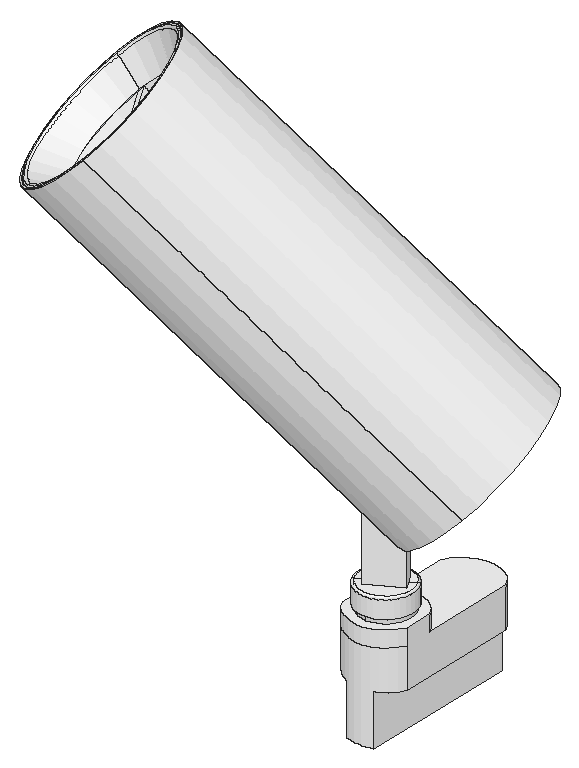
Revit family "0005450", category Lighting Fixtures, host Face, Revit 2017
Family settings
  Host = Face
  Round Connector Dimension = Use Diameter
  Part Type = Normal
  OmniClass Number = 23.80.70.00
  OmniClass Title = Lighting
  Cut with Voids When Loaded = No
  Light Source = No
  Shared = No
  Room Calculation Point = No
Parameters (values of type "0005450 PIXO LARGE 5200LM 940 NB MB WB WHT - 24 degree")
  Weight = "7.476 kg"
  Wattage Comments = ""
  WarrantyStartDate [instance] = "n/a"
  WarrantyGuarantorParts = "n/a"
  WarrantyDurationUnit = "n/a"
  WarrantyDurationParts = "n/a"
  WarrantyDescription = "n/a"
  Voltage = 0 V
  VerticalRotation_SYL [instance] = 60.00°
  VerticalEndAngle_SYL [instance] = VerticalRotation_SYL - 180.00°  # -120.00°
  URL = "http://www.sylvania-lighting.com"
  TypeName = "Pixo Large 5200lm 940 NB MB WB WHT"
  TypeHead_SYL = START Track Spot Integral Head : 005450 - 24
  TypeArm_SYL = START Track Spot Integral Arm : START Track Spot Integral WH
  Type Image = <None>
  Type Comments = "n/a"
  SerialNumber [instance] = "n/a"
  Material_3_SYL = none
  PowerFactor = 0.9
  PowerConsumption = "54 W"
  NominalLength = 300 mm
  NominalHeight = 303 mm
  NominalDepth = 96 mm
  Name = "Pixo Large 5200lm 940 NB MB WB WHT"
  ModelReference = Name  # "Pixo Large 5200lm 940 NB MB WB WHT"
  ModelNumber = "0005450"
  Model = Name  # "Pixo Large 5200lm 940 NB MB WB WHT"
  Material = "n/a"
  ManufacturerName = "Feilo Sylvania"
  Manufacturer = "Feilo Sylvania"
  LuminousEfficacy = "97 lm/W"
  LuminaireType = ""
  LightOutputRatio = "n/a"
  LampsType = Lamp  # "LED"
  LampNominalLuminous = "5250 lm"
  LampMacAdamStep = "5"
  LampColourTemperature = "4000 K"
  LampColourRenderingIndex = "90"
  Lamp = "LED"
  Keynote = "16500"
  InstallationDate [instance] = "n/a"
  InputVoltage = "n/a"
  InputNominalFrequency = "n/a"
  IngressProtection = "IP20"
  ImpactProtectionIndex = "IK03"
  IfcExportType = "IfcLightFixtureType"
  IfcExportAs = "IfcLightFixtureType"
  HorizontalRotation_SYL [instance] = 45.00°
  ExpectedLife = 50000
  ElectricShockClassification = "Class I"
  DurationUnit = "hours"
  DocumentationLiterature = "http://www.sylvania-lighting.com/product/en-int/products/0005450"
  DimmingControlOptions = "n/a"
  Material_2_SYL = Spacer-Sylvania-StartTrackSpot-Aluminium
  Description = "Integrated LED spotlight, Textured White - RAL9016, simple and slick integral design with no driver box and without any visible screws, ideal for retail applications, die-cast aluminium body, passive cooling heatsink. Beam angle: 36°, additional lenses 24° and 54° beam angle included, color temperature: 4000k , total system power: 54W, total fixture output: 5250 lm, LOR: 100%, colour rendering: Ra: 90 typical, LED Chromaticity: 3 step MacAdam ellipse, lifetime: >50000 hours at L70B50, energy class: A++, A+, A, IR/UV free light source without heat radiation, operating voltage: 220-240V / 50-60Hz, electronic driver, non-dimmable, ultra low LED flickering rate (5% or less), power factor: >0.90, electrical protection: Class I, Global Track 3 Circuit GA69 adapter suitable for Global trac 3-circuit tracks, ingress protection rating: IP20, suitable for internal environment only, horizontal rotation: 345°, vertical tilt: 90°, dimensions: Ø91x96x300, weight: 1,246kg."
  Default Elevation = 1219.2 mm
  CreatedOn = "9/9/2020"
  CreatedBy = "@sylvania-lighting.com"
  Cost = 0
  built-in parameter 1114216 [instance] = (empty or 0)
  ClassificationValue = "EF_70_80"
  ClassificationName = "Uniclass2015"
  Material_1_SYL = Body-Sylvania-StartTrackSpot-White
  BarCode [instance] = "n/a"
  AssetType = "Fixed"
  AssetIdentifier [instance] = "n/a"
  Assembly Code = "D5020200"
  Apparent Load = 54 VA
  Material_4_SYL = none
Reference planes
  plane 1 "Center (Front/Back)": y = 0
  plane 2: z = 0
  plane 3 "Center (Left/Right)": x = 0
  plane 4: x = 16.6
  plane 5: x = -16.6
  plane 6: x = 7
  plane 7: x = -7
  plane 8: x = -12.8
  plane 9: y = 42
  plane 10: y = 42
  plane 11: y = -42
  plane 12: y = 31.4
  plane 13: y = -31.4
  plane 14: z = -26
  plane 15: z = 20.3
  plane 16: z = 28.5
  plane 17: z = 31.2
  plane 18: y = -17.4
  plane 19: y = -6.8
  plane 20: y = -24.4
Forms (mm)
  Extrusion 1, solid, material "Body-Sylvania-StartTrackSpot-White" <- "Material_1_SYL"
    sketch origin (0, 0, 0) x (1, 0, 0) y (0, 1, 0)
      loop
        line (-16.6, 31.4) -> (-16.6, -31.4)
        arc (-16.6, -31.4) -> (0, -42) -> (16.6, -31.4) r 18.298
        line (16.6, -31.4) -> (16.6, 31.4)
        arc (16.6, 31.4) -> (0, 42) -> (-16.6, 31.4) r 18.298
    from -26 to 20.3
  Extrusion 2, void
    sketch origin (0, 0, 0) x (1, 0, 0) y (0, 1, 0)
      loop
        arc (-7, 40.608) -> (-12.666, 36.907) -> (-16.6, 31.4) r 18.298
        line (-16.6, 31.4) -> (-16.6, -31.4)
        arc (-16.6, -31.4) -> (-12.666, -36.907) -> (-7, -40.608) r 18.298
        line (-7, -40.608) -> (-7, 40.608)
      loop
        line (16.6, -31.4) -> (16.6, 31.4)
        arc (16.6, 31.4) -> (12.666, 36.907) -> (7, 40.608) r 18.298
        line (7, 40.608) -> (7, -40.608)
        arc (7, -40.608) -> (12.666, -36.907) -> (16.6, -31.4) r 18.298
    from 0 to -26
  Extrusion 3, solid, material "Body-Sylvania-StartTrackSpot-White" <- "Material_1_SYL"
    sketch origin (1223.4, -4572, 20.3) x (0, -1, 0) y (-1, 0, 0)
      loop
        line (-4540.6, 1240) -> (-4554.6, 1240)
        arc (-4554.6, 1240) -> (-4565.2, 1223.4) -> (-4554.6, 1206.8) r 18.298
        line (-4554.6, 1206.8) -> (-4540.6, 1206.8)
        arc (-4540.6, 1206.8) -> (-4530, 1223.4) -> (-4540.6, 1240) r 18.298
    from -8.2 to 0
  Extrusion 4, solid, material "Spacer-Sylvania-StartTrackSpot-Aluminium" <- "Material_2_SYL"
    sketch origin (1223.4, -4572, 28.5) x (0, -1, 0) y (-1, 0, 0)
      loop
        circle (-4547.6, 1223.4) r 12.7
    from 0 to -2.7
  Revolve 5, solid, not visible
    sketch origin (1524, -24.4, 1219.2) x (1, 0, 0) y (0, 0, 1)
      loop
        line (-1524, -1188) -> (-1524, -1168.735) -> (-1531, -1168.735) -> (-1531, -1188) -> (-1524, -1188)
      axis (-1524, -1168.735) -> (-1524, -1188)
    angle from 60 <- "VerticalRotation_SYL" to -120 <- "VerticalEndAngle_SYL"
Cuts and joins
  Extrusion 2 cuts Extrusion 1
  joined: Extrusion 1, Extrusion 3
Lines and regions (mm)
  reference lines
    curve 1: circle (0, -24.4, 0) r 12.7 normal (0, 0, 1)
    curve 2: arc (-16.6, -31.4, 0) -> (0, -42, 0) -> (16.6, -31.4, 0) r 18.298
    curve 3: arc (-16.6, -17.4, 0) -> (0, -6.8, 0) -> (16.6, -17.4, 0) r 18.298
    curve 4: arc (-16.6, 31.4, 0) -> (0, 42, 0) -> (16.6, 31.4, 0) r 18.298
Dimensions and locks
  plane 6 to plane 3 "Center (Left/Right)" to plane 7 = 7 mm locked, 7 mm locked
  plane 4 to plane 3 "Center (Left/Right)" to plane 5 = 16.6 mm locked, 16.6 mm locked
  locked: plane 3 "Center (Left/Right)" to plane 8 at 12.8
  plane 11 to plane 1 "Center (Front/Back)" to plane 10 = 42 mm locked, 42 mm locked
  plane 13 to plane 1 "Center (Front/Back)" to plane 12 = 31.4 mm locked, 31.4 mm locked
  locked: plane 2 to plane 14 at 26
  locked: plane 15 to plane 2 at 20.3
  plane 17 to plane 16 to plane 15 = 2.7 mm locked, 8.2 mm locked
  locked: plane 13 to plane 18 at 14
  locked: plane 18 to plane 19 at 10.6
  equal spacing: plane 13, plane 20, plane 18
  locked: plane 20 to curve 2 at 0.698
  locked: curve 3 to plane 20 at 0.698
  aligned and locked: plane 2 to host face
  aligned and locked: level to host face
  aligned and locked: plane 3 "Center (Left/Right)" to curve 1
  aligned and locked: plane 20 to curve 1
  aligned and locked: plane 13 to curve 2  (x2)
  aligned and locked: plane 18 to curve 3  (x2)
  aligned and locked: plane 12 to curve 4  (x2)
  aligned and locked: plane 4 to curve 4
  aligned and locked: plane 3 "Center (Left/Right)" to curve 4
  aligned and locked: plane 5 to curve 2
  aligned and locked: plane 5 to curve 3
  aligned and locked: plane 4 to curve 3
  aligned and locked: plane 4 to curve 2
  aligned and locked: plane 12 to Extrusion 1 sketch curve
  aligned and locked: plane 13 to Extrusion 1 sketch curve
  aligned and locked: Extrusion 1 sketch curve to curve 4
  aligned and locked: Extrusion 1 sketch curve to curve 2
  aligned and locked: Extrusion 1 to plane 15
  aligned and locked: plane 14 to Extrusion 1
  aligned and locked: Extrusion 2 sketch curve to Extrusion 1  (x5)
  aligned and locked: Extrusion 2 sketch curve to plane 7
  aligned and locked: plane 14 to Extrusion 2
  aligned and locked: level to Extrusion 2
  aligned and locked: Extrusion 3 sketch curve to cut or joined group of Extrusion 1, Extrusion 2, Extrusion 3  (x2)
  aligned and locked: Extrusion 3 sketch curve to curve 3
  aligned and locked: cut or joined group of Extrusion 1, Extrusion 2, Extrusion 3 to Extrusion 3 sketch curve
  aligned and locked: Extrusion 3 to plane 16
  aligned and locked: plane 15 to Extrusion 3
  aligned and locked: Extrusion 4 sketch curve to curve 1
  aligned and locked: Extrusion 4 to plane 17
  aligned and locked: plane 16 to Extrusion 4
  aligned and locked: Revolve 5 sketch curve to plane 3 "Center (Left/Right)"
  aligned and locked: Extrusion 4 to Revolve 5 sketch curve
  aligned and locked: Revolve 5 sketch curve to Extrusion 4
  aligned and locked: plane 17 to nested 1
Automatic sketch dimensions
  host sketch curve to host sketch curve = 2438.4 mm  (x2)
  plane 12 to curve 4 = 7.698 mm
  plane 12 to Extrusion 2 sketch curve = 0 mm
  Extrusion 2 sketch curve to Extrusion 2 sketch curve = 0 mm  (x2)
  Extrusion 2 sketch curve to plane 6 = 0 mm
  Revolve 5 sketch curve to plane 7 = 0 mm
  Revolve 5 sketch curve to Revolve 5 sketch curve = 19.265 mm
  plane 14 to Revolve 5 sketch curve = 583.6 mm
  Revolve 5 sketch curve to Revolve 5 sketch curve = 2558.594 mm
  radius of curve 1 = 12.7 mm
Nested families
  nested 1: "START Track Spot Integral Arm" at (0, -24.4, 31.2) x (0, 0, -1) z (0.866, 0.5, 0), type <- "TypeArm_SYL", HorizontalRotation_SYL <- "HorizontalRotation_SYL", type "START Track Spot Integral WH"
    with HorizontalRotation_SYL 45.00°, HorizontalEndAngle_SYL -135.00°
  nested 2: "START Track Spot Integral Head" at (22.045, -11.672, 108.656) x (-0.5, 0.866, 0) z (0.6124, 0.3536, -0.7071), type <- "TypeHead_SYL", type "005450 - 24"
    with built-in parameter 1114216 (empty or 0)
Connectors
  electrical at (0, 0, 0), driven by "Apparent Load", driven by "PowerFactor", driven by "Voltage"
    settings: index 1, voltage 0 V, apparent load 54 VA, apparent load phase1 0 VA, apparent load phase2 0 VA, apparent load phase3 0 VA, power factor 0.9, load classification "Lighting", number of poles 1, system type 30, power factor state 1, is connector primary yes, connector utility no, sub classification motor no, connector description ""
Definition of nested family "START Track Spot Integral Arm"
  Parameters (values of type "START Track Spot Integral WH")
    URL = "http://www.sylvania-lighting.com"
    Type Image = (empty or 0)
    Type Comments = "n/a"
    Material_3_SYL = none
    Model = ""
    Manufacturer = "Feilo Sylvania"
    Keynote = ""
    Material_2_SYL = none
    HorizontalRotation_SYL [instance] = 0.00°
    HorizontalEndAngle_SYL [instance] = HorizontalRotation_SYL - 180.00°  # -180.00°
    Description = ""
    Default Elevation = 1219.2 mm
    Cost = 0
    Material_1_SYL = none
    Assembly Code = ""
    Material_4_SYL = none
  Types (2): name
    START Track Spot Integral WH
    START Track Spot Integral BL
  Reference planes
    plane 1 "Center (Front/Back)": y = 0
    plane 2: z = 0
    plane 3 "Center (Left/Right)": x = 0
    plane 4: x = -10
    plane 5: z = -14
    plane 6: z = -14
    plane 7: z = 14
    plane 8: x = -52
    plane 9: z = 9
    plane 10: z = -9
    plane 11: x = -60
    plane 12: y = 4.5
    plane 13: y = -4.5
    plane 14: x = -9
    plane 15: z = 13
    plane 16: z = 4
    plane 17: z = -4
    plane 18: x = -55
  Forms (mm)
    Extrusion 1, solid
      sketch origin (4.2, 0, 0) x (1, 0, 0) y (0, 1, 0)
        loop
          line (-1219.2, 1219.2) -> (-1219.2, -1219.2) -> (1219.2, -1219.2) -> (1219.2, 1219.2) -> (-1219.2, 1219.2)
      from 0 to -68.017
    Revolve 2, solid, material <- "Material_1_SYL"
      sketch origin (0, 0, 0) x (1, 0, 0) y (0, 0, 1)
        loop
          line (0, 0) -> (0, 14) -> (-9, 14)
          arc (-9, 14) -> (-9.707, 13.707) -> (-10, 13) r 1
          line (-10, 13) -> (-10, 0) -> (0, 0)
        axis (-10, 0) -> (0, 0)
      angle from 360 to 0
    Extrusion 3, solid, material <- "Material_1_SYL"
      sketch origin (0, 0, 0) x (1, 0, 0) y (0, 0, 1)
        loop
          line (-10, 9) -> (-55, 9)
          arc (-55, 9) -> (-58.536, 7.536) -> (-60, 4) r 5
          line (-60, 4) -> (-60, -4)
          arc (-60, -4) -> (-58.536, -7.536) -> (-55, -9) r 5
          line (-55, -9) -> (-10, -9) -> (-10, 9)
      from -4.5 to 4.5
    Revolve 4, solid, not visible
      sketch origin (-52, -4572, 2609.058) x (0, 0, 1) y (0, -1, 0)
        loop
          line (-2609.058, -4553.46) -> (-2609.058, -4590.54) -> (-2605.058, -4590.54) -> (-2605.058, -4553.46) -> (-2609.058, -4553.46)
        axis (-2609.058, -4553.46) -> (-2609.058, -4590.54)
      angle from 0 <- "HorizontalRotation_SYL" to -180 <- "HorizontalEndAngle_SYL"
  Dimensions and locks
    locked: plane 3 "Center (Left/Right)" to plane 4 at 10
    plane 7 to plane 2 to plane 6 = 14 mm locked, 14 mm locked
    locked: plane 4 to plane 8 at 42
    plane 13 to plane 1 "Center (Front/Back)" to plane 12 = 4.5 mm locked, 4.5 mm locked
    locked: plane 14 to plane 4 at 1
    locked: plane 7 to plane 15 at 1
    locked: plane 9 to plane 16 at 5
    locked: plane 17 to plane 10 at 5
    equal spacing: Revolve 4 sketch curve, plane 1 "Center (Front/Back)", Revolve 4 sketch curve
    locked: Revolve 4 sketch curve to plane 1 "Center (Front/Back)" at 18.54
    locked: plane 18 to plane 11 at 5
    locked: plane 4 to plane 11 at 50
    aligned and locked: plane 2 to Extrusion 1
    aligned and locked: level to Extrusion 1
    aligned and locked: level to Revolve 2 sketch curve  (x2)
    aligned and locked: plane 3 "Center (Left/Right)" to Revolve 2 sketch curve
    aligned and locked: Revolve 2 sketch curve to plane 7
    aligned and locked: plane 4 to Revolve 2 sketch curve
    aligned and locked: plane 15 to Revolve 2 sketch curve
    aligned and locked: plane 14 to Revolve 2 sketch curve
    aligned and locked: Revolve 2 sketch curve to plane 2
    aligned and locked: Extrusion 3 sketch curve to plane 9
    aligned and locked: plane 4 to Extrusion 3 sketch curve
    aligned and locked: plane 10 to Extrusion 3 sketch curve
    aligned and locked: Extrusion 3 sketch curve to plane 11
    aligned and locked: plane 13 to Extrusion 3
    aligned and locked: Extrusion 3 to plane 12
    aligned and locked: plane 16 to Extrusion 3 sketch curve
    aligned and locked: plane 17 to Extrusion 3 sketch curve
    aligned and locked: Revolve 4 sketch curve to level
    aligned and locked: Revolve 4 sketch curve to plane 16
    aligned and locked: Revolve 4 sketch curve to plane 2
    aligned and locked: plane 18 to Extrusion 3 sketch curve  (x2)
Definition of nested family "START Track Spot Integral Head"
  Parameters (values of type "005450 - 24")
    WidthCutOut_SYL = 9.5 mm  # constant formula
    Wattage Comments = "n/a"
    Wattage = 55 W
    built-in parameter 1150110 = 1 (stored number, unit not read)
    URL = "http://www.sylvania-lighting.com"
    Type Image = (empty or 0)
    Type Comments = "n/a"
    built-in parameter 1114217 = 1 (stored number, unit not read)
    Tilt Angle = 90.00°
    built-in parameter 1150109 = 1 (stored number, unit not read)
    built-in parameter 1150134 = 12
    built-in parameter 1150113 = 1 (stored number, unit not read)
    S_SYL = no
    RadiusLensOut_SYL = if(S_SYL, 21 mm, if(M_SYL, 30.5 mm, 33 mm))  # 33 mm
    RadiusLensHolder_SYL = 1.8 mm  # constant formula
    RadiusHead_SYL = if(S_SYL, 30 mm, if(M_SYL, 40 mm, 45.5 mm))  # 45.5 mm
    RadiusEmission_SYL = if(S_SYL, 8 mm, if(M_SYL, 16.5 mm, 16.5 mm))  # 16.5 mm
    Photometric Web File = "0005450_24.ies"
    built-in parameter 1150142 = "IESNA:LM-63-2002\r\n[TEST] 202010559\r\n[TESTLAB] \r\n[TESTDATE] 2 Jun 2020\r\n[ISSUEDATE] 2 Jun 2020\r\n[MANUFAC] Sylvania\r\n[LUMCAT] 202010559\r\n[LUMINAIRE] FT1081-W-4000£¨24¡ã£©\r\n[FLASHAREA] 0.001373\r\n[LAMPCAT] 202010559\r\n[LAMP] LED 54W - 52.21 W\r\nTILT=NONE\r\n1 5150.20 1.0 181 4 1 2 -0.085 -0.085 0.000\r\n1.00 1.00 52.21\r\n0.00 1.00 2.00 3.00 4.00 5.00 6.00 7.00 8.00 9.00 10.00 \r\n11.00 12.00 13.00 14.00 15.00 16.00 17.00 18.00 19.00 \r\n20.00 21.00 22.00 23.00 24.00 25.00 26.00 27.00 28.00 \r\n29.00 30.00 31.00 32.00 33.00 34.00 35.00 36.00 37.00 \r\n38.00 39.00 40.00 41.00 42.00 43.00 44.00 45.00 46.00 \r\n47.00 48.00 49.00 50.00 51.00 52.00 53.00 54.00 55.00 \r\n56.00 57.00 58.00 59.00 60.00 61.00 62.00 63.00 64.00 \r\n65.00 66.00 67.00 68.00 69.00 70.00 71.00 72.00 73.00 \r\n74.00 75.00 76.00 77.00 78.00 79.00 80.00 81.00 82.00 \r\n83.00 84.00 85.00 86.00 87.00 88.00 89.00 90.00 91.00 \r\n92.00 93.00 94.00 95.00 96.00 97.00 98.00 99.00 100.00 \r\n101.00 102.00 103.00 104.00 105.00 106.00 107.00 108.00 \r\n109.00 110.00 111.00 112.00 113.00 114.00 115.00 116.00 \r\n117.00 118.00 119.00 120.00 121.00 122.00 123.00 124.00 \r\n125.00 126.00 127.00 128.00 129.00 130.00 131.00 132.00 \r\n133.00 134.00 135.00 136.00 137.00 138.00 139.00 140.00 \r\n141.00 142.00 143.00 144.00 145.00 146.00 147.00 148.00 \r\n149.00 150.00 151.00 152.00 153.00 154.00 155.00 156.00 \r\n157.00 158.00 159.00 160.00 161.00 162.00 163.00 164.00 \r\n165.00 166.00 167.00 168.00 169.00 170.00 171.00 172.00 \r\n173.00 174.00 175.00 176.00 177.00 178.00 179.00 180.00 \r\n0.00 30.00 60.00 90.00 \r\n17918.55 19593.02 19316.03 18698.71 17810.63 16704.61 \r\n15516.23 14359.45 13245.21 12243.91 11336.07 10496.49 \r\n9699.49 8924.14 8136.43 7397.59 6696.75 5975.23 5324.23 \r\n4683.98 4083.81 3542.78 3030.64 2630.51 2288.22 2015.73 \r\n1787.71 1597.33 1411.63 1254.90 1121.79 996.44 890.37 \r\n786.28 696.91 615.56 546.55 484.14 429.16 385.37 346.53 \r\n310.29 282.43 258.83 239.03 220.82 206.29 192.88 181.38 \r\n171.36 162.33 154.94 147.85 141.67 136.06 131.12 126.62 \r\n122.10 117.89 113.17 108.68 104.25 100.40 96.98 92.57 \r\n86.09 79.41 72.19 64.38 59.38 53.81 47.74 41.46 36.16 \r\n30.53 26.05 22.96 19.86 16.73 13.91 11.01 8.40 6.07 4.02 \r\n2.56 1.69 1.05 0.56 0.23 0.09 0.05 0.04 0.05 0.05 0.05 \r\n0.06 0.06 0.06 0.07 0.08 0.07 0.08 0.08 0.09 0.09 0.10 \r\n0.10 0.11 0.11 0.12 0.13 0.00 0.00 0.00 0.00 0.00 0.00 \r\n0.00 0.00 0.00 0.00 0.00 0.00 0.00 0.00 0.00 0.00 0.00 \r\n0.00 0.00 0.00 0.00 0.00 0.00 0.00 0.00 0.00 0.00 0.00 \r\n0.00 0.00 0.00 0.00 0.00 0.00 0.00 0.00 0.00 0.00 0.00 \r\n0.00 0.00 0.00 0.00 0.00 0.00 0.00 0.00 0.00 0.00 0.00 \r\n0.00 0.00 0.00 0.00 0.00 0.00 0.00 0.00 0.00 0.00 0.00 \r\n0.00 0.00 0.00 0.00 0.00 0.00 0.00 0.00 0.00 \r\n17918.55 18847.52 18448.51 17838.15 17034.66 16090.49 \r\n15056.28 14040.16 13039.54 12110.00 11247.35 10406.33 \r\n9598.29 8833.45 8085.12 7353.07 6632.43 5933.78 5266.41 \r\n4668.05 4073.80 3560.29 3102.12 2686.63 2333.31 2047.12 \r\n1791.60 1589.97 1408.07 1245.83 1107.34 978.19 867.96 \r\n769.62 680.25 603.89 535.62 475.39 424.95 381.09 343.12 \r\n312.66 284.16 261.70 241.51 224.39 209.73 196.34 184.70 \r\n174.44 164.86 156.80 149.70 143.38 137.75 132.78 127.85 \r\n123.26 118.63 113.99 109.69 105.35 101.01 95.93 90.87 \r\n85.21 78.26 71.46 64.67 58.51 52.23 46.78 41.50 35.87 \r\n30.93 26.44 22.69 19.56 16.74 13.81 11.07 8.52 6.20 4.34 \r\n2.95 1.94 1.15 0.68 0.37 0.18 0.08 0.05 0.05 0.05 0.05 \r\n0.05 0.06 0.06 0.06 0.07 0.07 0.07 0.08 0.09 0.09 0.10 \r\n0.10 0.10 0.10 0.10 0.11 0.01 0.00 0.00 0.00 0.00 0.00 \r\n0.00 0.00 0.00 0.00 0.00 0.00 0.00 0.00 0.00 0.00 0.00 \r\n0.00 0.00 0.00 0.00 0.00 0.00 0.00 0.00 0.00 0.00 0.00 \r\n0.00 0.00 0.00 0.00 0.00 0.00 0.00 0.00 0.00 0.00 0.00 \r\n0.00 0.00 0.00 0.00 0.00 0.00 0.00 0.00 0.00 0.00 0.00 \r\n0.00 0.00 0.00 0.00 0.00 0.00 0.00 0.00 0.00 0.00 0.00 \r\n0.00 0.00 0.00 0.00 0.00 0.00 0.00 0.00 0.00 \r\n17918.55 18092.55 17726.60 17137.12 16367.92 15506.27 \r\n14581.10 13650.38 12733.01 11850.12 11045.83 10246.76 \r\n9469.81 8707.37 7963.36 7253.01 6567.52 5890.86 5255.22 \r\n4632.95 4060.09 3552.11 3086.76 2693.01 2355.84 2065.64 \r\n1822.78 1621.19 1441.70 1287.03 1143.97 1016.52 901.34 \r\n799.13 706.01 625.67 555.10 492.52 439.48 392.17 352.60 \r\n318.90 288.87 264.00 243.20 225.24 209.63 195.98 183.94 \r\n173.31 164.14 155.80 148.78 142.42 136.88 132.05 127.31 \r\n122.76 118.41 113.84 109.27 105.07 100.80 96.10 91.06 \r\n84.98 78.66 71.55 64.79 58.66 52.25 46.63 41.09 35.90 \r\n30.69 26.61 22.97 19.59 16.60 13.77 10.99 8.42 6.19 4.29 \r\n2.92 1.84 1.15 0.68 0.38 0.19 0.09 0.06 0.05 0.05 0.05 \r\n0.06 0.06 0.06 0.07 0.07 0.08 0.08 0.09 0.09 0.09 0.10 \r\n0.10 0.11 0.10 0.09 0.08 0.01 0.00 0.00 0.00 0.00 0.00 \r\n0.00 0.00 0.00 0.00 0.00 0.00 0.00 0.00 0.00 0.00 0.00 \r\n0.00 0.00 0.00 0.00 0.00 0.00 0.00 0.00 0.00 0.00 0.00 \r\n0.00 0.00 0.00 0.00 0.00 0.00 0.00 0.00 0.00 0.00 0.00 \r\n0.00 0.00 0.00 0.00 0.00 0.00 0.00 0.00 0.00 0.00 0.00 \r\n0.00 0.00 0.00 0.00 0.00 0.00 0.00 0.00 0.00 0.00 0.00 \r\n0.00 0.00 0.00 0.00 0.00 0.00 0.00 0.00 0.00 \r\n17918.55 17782.64 17425.73 16838.29 16112.94 15239.02 \r\n14315.34 13398.32 12498.44 11661.07 10872.87 10117.03 \r\n9369.34 8627.23 7883.10 7160.30 6457.03 5790.77 5163.95 \r\n4561.21 4005.57 3494.29 3060.35 2660.20 2332.52 2058.83 \r\n1831.43 1626.69 1455.66 1303.22 1163.83 1036.07 917.15 \r\n809.93 712.10 627.11 551.91 487.18 430.33 381.77 341.05 \r\n307.31 275.96 252.51 232.28 215.10 200.81 188.09 176.48 \r\n166.80 158.36 151.04 144.44 138.67 133.55 129.04 124.84 \r\n120.98 117.09 113.08 108.71 104.69 100.73 96.71 91.53 \r\n85.55 77.75 70.95 64.25 57.43 51.69 45.98 40.30 34.60 \r\n30.31 26.09 22.44 19.34 16.33 13.33 10.53 7.87 5.58 3.89 \r\n2.54 1.66 1.01 0.57 0.27 0.11 0.04 0.04 0.04 0.04 0.05 \r\n0.05 0.06 0.06 0.06 0.08 0.07 0.07 0.08 0.09 0.09 0.09 \r\n0.10 0.10 0.09 0.09 0.08 0.01 0.00 0.00 0.00 0.00 0.00 \r\n0.00 0.00 0.00 0.00 0.00 0.00 0.00 0.00 0.00 0.00 0.00 \r\n0.00 0.00 0.00 0.00 0.00 0.00 0.00 0.00 0.00 0.00 0.00 \r\n0.00 0.00 0.00 0.00 0.00 0.00 0.00 0.00 0.00 0.00 0.00 \r\n0.00 0.00 0.00 0.00 0.00 0.00 0.00 0.00 0.00 0.00 0.00 \r\n0.00 0.00 0.00 0.00 0.00 0.00 0.00 0.00 0.00 0.00 0.00 \r\n0.00 0.00 0.00 0.00 0.00 0.00 0.00 0.00 0.00 \r\n"
    Material_3_SYL = none
    Model = "ST TRK SPT INTGRL 5300LM 940 WB WHT"
    Manufacturer = "Feilo Sylvania"
    M_SYL = no
    built-in parameter 1150105 = 421.76 (stored number, unit not read)
    Lumens = 5300 lm
    built-in parameter 1150115 = 1 (stored number, unit not read)
    built-in parameter 1150137 = (empty or 0)
    built-in parameter 1150139 = (empty or 0)
    built-in parameter 1150112 = 1 (stored number, unit not read)
    built-in parameter 1150114 = 1 (stored number, unit not read)
    Lamp = "LED"
    Keynote = "16500"
    Material_2_SYL = none
    built-in parameter 1150132 = (empty or 0)
    built-in parameter 1150102 = (empty or 0)
    built-in parameter 1150107 = 4000 (stored number, unit not read)
    built-in parameter 1150138 = (empty or 0)
    built-in parameter 1150106 = 4.2176 (stored number, unit not read)
    Height_SYL = if(S_SYL, 160 mm, if(M_SYL, 200 mm, 215 mm))  # 215 mm
    Emit from Circle Diameter = RadiusLensOut_SYL * 2  # 66 mm
    Emit Shape Visible in Rendering = no
    built-in parameter 1150104 = 8.9525 (stored number, unit not read)
    DistRotateAxisY_SYL = 16.8 mm  # constant formula
    Dimming Lamp Color Temperature Shift = (empty or 0)
    Description = ""
    DepthLens_SYL = 1.25 * (RadiusHead_SYL - 1 mm - RadiusLensOut_SYL)  # 14.375 mm
    DepthEmission_SYL = Height_SYL / 6.4  # 33.594 mm
    DepthCutOut_SYL = WidthCutOut_SYL * 2  # 19 mm
    Default Elevation = 1219.2 mm
    Cost = 0
    Color Filter = 16777215
    built-in parameter 1114216 [instance] = (empty or 0)
    Material_1_SYL = none
    built-in parameter 1114218 = 1 (stored number, unit not read)
    built-in parameter 1150133 = 10 (stored number, unit not read)
    Assembly Code = "D5020200"
    Apparent Load = 55 VA
    Material_4_SYL = none
  Types (3, lengths in mm): name | Photometric Web File | built-in parameter 1150142
    005450 - 24 | "0005450_24.ies" | "IESNA:LM-63-2002\r\n[TEST] 202010559\r\n[TESTLAB] \r\n[TESTDATE] 2 Jun 2020\r\n[ISSUEDATE] 2 Jun 2020\r\n[MANUFAC] Sylvania\r\n[LUMCAT] 202010559\r\n[LUMINAIRE] FT1081-W-4000£¨24¡ã£©\r\n[FLASHAREA] 0.001373\r\n[LAMPCAT] 202010559\r\n[LAMP] LED 54W - 52.21 W\r\nTILT=NONE\r\n1 5150.20 1.0 181 4 1 2 -0.085 -0.085 0.000\r\n1.00 1.00 52.21\r\n0.00 1.00 2.00 3.00 4.00 5.00 6.00 7.00 8.00 9.00 10.00 \r\n11.00 12.00 13.00 14.00 15.00 16.00 17.00 18.00 19.00 \r\n20.00 21.00 22.00 23.00 24.00 25.00 26.00 27.00 28.00 \r\n29.00 30.00 31.00 32.00 33.00 34.00 35.00 36.00 37.00 \r\n38.00 39.00 40.00 41.00 42.00 43.00 44.00 45.00 46.00 \r\n47.00 48.00 49.00 50.00 51.00 52.00 53.00 54.00 55.00 \r\n56.00 57.00 58.00 59.00 60.00 61.00 62.00 63.00 64.00 \r\n65.00 66.00 67.00 68.00 69.00 70.00 71.00 72.00 73.00 \r\n74.00 75.00 76.00 77.00 78.00 79.00 80.00 81.00 82.00 \r\n83.00 84.00 85.00 86.00 87.00 88.00 89.00 90.00 91.00 \r\n92.00 93.00 94.00 95.00 96.00 97.00 98.00 99.00 100.00 \r\n101.00 102.00 103.00 104.00 105.00 106.00 107.00 108.00 \r\n109.00 110.00 111.00 112.00 113.00 114.00 115.00 116.00 \r\n117.00 118.00 119.00 120.00 121.00 122.00 123.00 124.00 \r\n125.00 126.00 127.00 128.00 129.00 130.00 131.00 132.00 \r\n133.00 134.00 135.00 136.00 137.00 138.00 139.00 140.00 \r\n141.00 142.00 143.00 144.00 145.00 146.00 147.00 148.00 \r\n149.00 150.00 151.00 152.00 153.00 154.00 155.00 156.00 \r\n157.00 158.00 159.00 160.00 161.00 162.00 163.00 164.00 \r\n165.00 166.00 167.00 168.00 169.00 170.00 171.00 172.00 \r\n173.00 174.00 175.00 176.00 177.00 178.00 179.00 180.00 \r\n0.00 30.00 60.00 90.00 \r\n17918.55 19593.02 19316.03 18698.71 17810.63 16704.61 \r\n15516.23 14359.45 13245.21 12243.91 11336.07 10496.49 \r\n9699.49 8924.14 8136.43 7397.59 6696.75 5975.23 5324.23 \r\n4683.98 4083.81 3542.78 3030.64 2630.51 2288.22 2015.73 \r\n1787.71 1597.33 1411.63 1254.90 1121.79 996.44 890.37 \r\n786.28 696.91 615.56 546.55 484.14 429.16 385.37 346.53 \r\n310.29 282.43 258.83 239.03 220.82 206.29 192.88 181.38 \r\n171.36 162.33 154.94 147.85 141.67 136.06 131.12 126.62 \r\n122.10 117.89 113.17 108.68 104.25 100.40 96.98 92.57 \r\n86.09 79.41 72.19 64.38 59.38 53.81 47.74 41.46 36.16 \r\n30.53 26.05 22.96 19.86 16.73 13.91 11.01 8.40 6.07 4.02 \r\n2.56 1.69 1.05 0.56 0.23 0.09 0.05 0.04 0.05 0.05 0.05 \r\n0.06 0.06 0.06 0.07 0.08 0.07 0.08 0.08 0.09 0.09 0.10 \r\n0.10 0.11 0.11 0.12 0.13 0.00 0.00 0.00 0.00 0.00 0.00 \r\n0.00 0.00 0.00 0.00 0.00 0.00 0.00 0.00 0.00 0.00 0.00 \r\n0.00 0.00 0.00 0.00 0.00 0.00 0.00 0.00 0.00 0.00 0.00 \r\n0.00 0.00 0.00 0.00 0.00 0.00 0.00 0.00 0.00 0.00 0.00 \r\n0.00 0.00 0.00 0.00 0.00 0.00 0.00 0.00 0.00 0.00 0.00 \r\n0.00 0.00 0.00 0.00 0.00 0.00 0.00 0.00 0.00 0.00 0.00 \r\n0.00 0.00 0.00 0.00 0.00 0.00 0.00 0.00 0.00 \r\n17918.55 18847.52 18448.51 17838.15 17034.66 16090.49 \r\n15056.28 14040.16 13039.54 12110.00 11247.35 10406.33 \r\n9598.29 8833.45 8085.12 7353.07 6632.43 5933.78 5266.41 \r\n4668.05 4073.80 3560.29 3102.12 2686.63 2333.31 2047.12 \r\n1791.60 1589.97 1408.07 1245.83 1107.34 978.19 867.96 \r\n769.62 680.25 603.89 535.62 475.39 424.95 381.09 343.12 \r\n312.66 284.16 261.70 241.51 224.39 209.73 196.34 184.70 \r\n174.44 164.86 156.80 149.70 143.38 137.75 132.78 127.85 \r\n123.26 118.63 113.99 109.69 105.35 101.01 95.93 90.87 \r\n85.21 78.26 71.46 64.67 58.51 52.23 46.78 41.50 35.87 \r\n30.93 26.44 22.69 19.56 16.74 13.81 11.07 8.52 6.20 4.34 \r\n2.95 1.94 1.15 0.68 0.37 0.18 0.08 0.05 0.05 0.05 0.05 \r\n0.05 0.06 0.06 0.06 0.07 0.07 0.07 0.08 0.09 0.09 0.10 \r\n0.10 0.10 0.10 0.10 0.11 0.01 0.00 0.00 0.00 0.00 0.00 \r\n0.00 0.00 0.00 0.00 0.00 0.00 0.00 0.00 0.00 0.00 0.00 \r\n0.00 0.00 0.00 0.00 0.00 0.00 0.00 0.00 0.00 0.00 0.00 \r\n0.00 0.00 0.00 0.00 0.00 0.00 0.00 0.00 0.00 0.00 0.00 \r\n0.00 0.00 0.00 0.00 0.00 0.00 0.00 0.00 0.00 0.00 0.00 \r\n0.00 0.00 0.00 0.00 0.00 0.00 0.00 0.00 0.00 0.00 0.00 \r\n0.00 0.00 0.00 0.00 0.00 0.00 0.00 0.00 0.00 \r\n17918.55 18092.55 17726.60 17137.12 16367.92 15506.27 \r\n14581.10 13650.38 12733.01 11850.12 11045.83 10246.76 \r\n9469.81 8707.37 7963.36 7253.01 6567.52 5890.86 5255.22 \r\n4632.95 4060.09 3552.11 3086.76 2693.01 2355.84 2065.64 \r\n1822.78 1621.19 1441.70 1287.03 1143.97 1016.52 901.34 \r\n799.13 706.01 625.67 555.10 492.52 439.48 392.17 352.60 \r\n318.90 288.87 264.00 243.20 225.24 209.63 195.98 183.94 \r\n173.31 164.14 155.80 148.78 142.42 136.88 132.05 127.31 \r\n122.76 118.41 113.84 109.27 105.07 100.80 96.10 91.06 \r\n84.98 78.66 71.55 64.79 58.66 52.25 46.63 41.09 35.90 \r\n30.69 26.61 22.97 19.59 16.60 13.77 10.99 8.42 6.19 4.29 \r\n2.92 1.84 1.15 0.68 0.38 0.19 0.09 0.06 0.05 0.05 0.05 \r\n0.06 0.06 0.06 0.07 0.07 0.08 0.08 0.09 0.09 0.09 0.10 \r\n0.10 0.11 0.10 0.09 0.08 0.01 0.00 0.00 0.00 0.00 0.00 \r\n0.00 0.00 0.00 0.00 0.00 0.00 0.00 0.00 0.00 0.00 0.00 \r\n0.00 0.00 0.00 0.00 0.00 0.00 0.00 0.00 0.00 0.00 0.00 \r\n0.00 0.00 0.00 0.00 0.00 0.00 0.00 0.00 0.00 0.00 0.00 \r\n0.00 0.00 0.00 0.00 0.00 0.00 0.00 0.00 0.00 0.00 0.00 \r\n0.00 0.00 0.00 0.00 0.00 0.00 0.00 0.00 0.00 0.00 0.00 \r\n0.00 0.00 0.00 0.00 0.00 0.00 0.00 0.00 0.00 \r\n17918.55 17782.64 17425.73 16838.29 16112.94 15239.02 \r\n14315.34 13398.32 12498.44 11661.07 10872.87 10117.03 \r\n9369.34 8627.23 7883.10 7160.30 6457.03 5790.77 5163.95 \r\n4561.21 4005.57 3494.29 3060.35 2660.20 2332.52 2058.83 \r\n1831.43 1626.69 1455.66 1303.22 1163.83 1036.07 917.15 \r\n809.93 712.10 627.11 551.91 487.18 430.33 381.77 341.05 \r\n307.31 275.96 252.51 232.28 215.10 200.81 188.09 176.48 \r\n166.80 158.36 151.04 144.44 138.67 133.55 129.04 124.84 \r\n120.98 117.09 113.08 108.71 104.69 100.73 96.71 91.53 \r\n85.55 77.75 70.95 64.25 57.43 51.69 45.98 40.30 34.60 \r\n30.31 26.09 22.44 19.34 16.33 13.33 10.53 7.87 5.58 3.89 \r\n2.54 1.66 1.01 0.57 0.27 0.11 0.04 0.04 0.04 0.04 0.05 \r\n0.05 0.06 0.06 0.06 0.08 0.07 0.07 0.08 0.09 0.09 0.09 \r\n0.10 0.10 0.09 0.09 0.08 0.01 0.00 0.00 0.00 0.00 0.00 \r\n0.00 0.00 0.00 0.00 0.00 0.00 0.00 0.00 0.00 0.00 0.00 \r\n0.00 0.00 0.00 0.00 0.00 0.00 0.00 0.00 0.00 0.00 0.00 \r\n0.00 0.00 0.00 0.00 0.00 0.00 0.00 0.00 0.00 0.00 0.00 \r\n0.00 0.00 0.00 0.00 0.00 0.00 0.00 0.00 0.00 0.00 0.00 \r\n0.00 0.00 0.00 0.00 0.00 0.00 0.00 0.00 0.00 0.00 0.00 \r\n0.00 0.00 0.00 0.00 0.00 0.00 0.00 0.00 0.00 \r\n"
